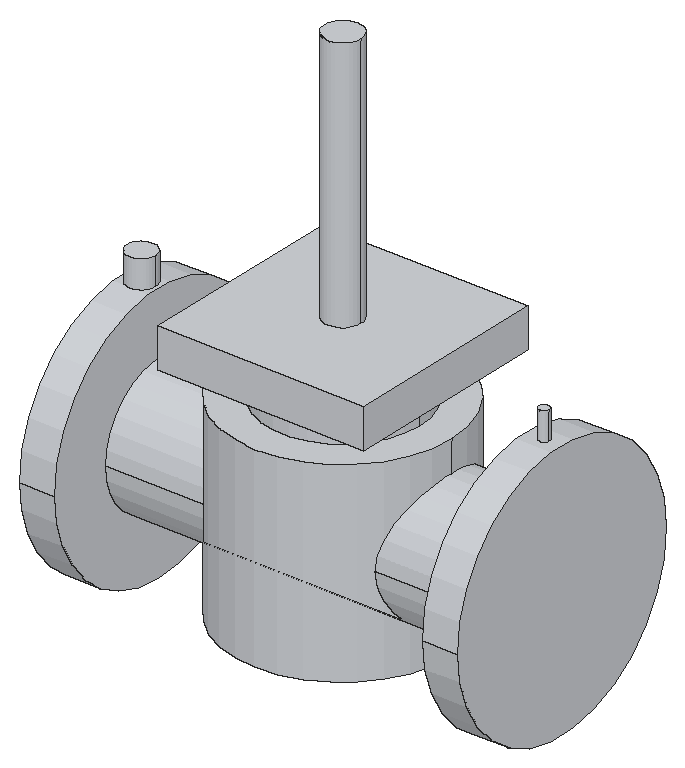
Revit family "OPTIMA_Compact_FLANGE_PN25_DN150-LF_RFA_2019", category Pipe Accessories, Revit 2019
Family settings
  Round Connector Dimension = Use Diameter
  Part Type = Valve - Breaks Into
  Work Plane-Based = No
  Always vertical = Yes
  Cut with Voids When Loaded = No
  Shared = No
Parameters (values of type "Optima Compact Flange PN25 DN150 LF")
  magiProductId = "Frese Optima Flange DN150 LF"
  magiProductFamilyId = "Frese Optima Flange *"
  magiPartTypeId = 304
  isMeasuringValve [instance] = no
  ang2D [instance] = 0.00°
  W2D = 50 mm
  VersionID = "2.0/2018.8.28.1/FRESE_OPTIMA_FLANGE_Q13_002"
  Use Minimum Symbol Size [instance] = yes
  URL = "www.hydronic.cz"
  Type Comments = "Přírubový; PN25; 0~110°C, s měřením"
  R4 = 84 mm
  R3 = 74.1 mm
  R1 = 120 mm
  QmdConnectorList = "301;D;302;D"
  Productdata [instance] = ""
  Manufacturer = "Hydronic Systems Prague s.r.o."
  MC Product Code = "53-1225 (DN150 LF; 43mm; pohon min 1500N; Qmin-dpmin 25600l/h-21.0kPa; Qmax-dpmin 148000l/h-35.0kPa; dpmax 800kPa)"
  MC Piping Given Pressure Drop [instance] = 0.0 Pa
  LF__ve = -LF  # -38.4 mm
  LF2 = 19.2 mm
  LF = 38.4 mm
  L4 = 225.6 mm
  L3 = 403.2 mm
  L2D_Min = 3048 mm
  L2D = 230 mm
  L2 = 240 mm
  H6 = 279.25 mm
  H4 = 42.75 mm
  H3 = 35.625 mm
  H2 = 106.875 mm
  H1 = 213.75 mm
  Description = "Tlakově nezávislý 2-cestný regulační vyvažovací ventil (PICV)"
  DF2 = 142.5 mm
  D = 150 mm
  CAT0 = yes
Types (14, lengths in mm): name | magiProductId | magiProductFamilyId | W2D | Type Comments | R4 | R3 | R1 | MC Product Code | LF__ve | LF2 | LF | L4 | L3 | L2D | L2 | H6 | H4 | H3 | H2 | H1 | DF2 | D
  Optima Compact Flange PN25 DN050 LF | "Frese Optima Flange DN050 LF" | "Frese Optima Flange *" | 50 | "Přírubový; PN25; 0~120°C, s měřením" | 40.3 | 42.9 | 57.5 | "53-1220 (DN50 LF; 20mm; pohon min 1000N; Qmin-dpmin 2500l/h-6.5kPa; Qmax-dpmin 15000l/h-20.0kPa; dpmax 800kPa)" | -18.4 | 9.2 | 18.4 | 108.1 | 193.2 | 230 | 115 | 157.3 | 24.8 | 20.6 | 61.9 | 123.8 | 82.5 | 50
  Optima Compact Flange PN25 DN050 HF | "Frese Optima Flange DN050 HF" | "Frese Optima Flange *" | 50 | "Přírubový; PN25; 0~120°C, s měřením" | 40.25 | 42.9 | 57.5 | "53-1230 (DN50 HF; 20mm; pohon min 1000N; Qmin-dpmin 3900l/h-19.0kPa; Qmax-dpmin 24000l/h-50.0kPa; dpmax 800kPa)" | -18.4 | 9.2 | 18.4 | 108.1 | 193.2 | 230 | 115 | 157.25 | 24.75 | 20.625 | 61.875 | 123.75 | 82.5 | 50
  Optima Compact Flange PN25 DN065 LF | "Frese Optima Flange DN065 LF" | "Frese Optima Flange *" | 50 | "Přírubový; PN25; 0~120°C, s měřením" | 50.75 | 48.1 | 72.5 | "53-1221 (DN65 LF; 20mm; pohon min 1000N; Qmin-dpmin 4400l/h-15.0kPa; Qmax-dpmin 25000l/h-25.0kPa; dpmax 800kPa)" | -23.2 | 11.6 | 23.2 | 136.3 | 243.6 | 230 | 145 | 171.25 | 27.75 | 23.125 | 69.375 | 138.75 | 92.5 | 65
  Optima Compact Flange PN25 DN065 HF | "Frese Optima Flange DN065 HF" | "Frese Optima Flange *" | 50 | "Přírubový; PN25; 0~120°C, s měřením" | 50.75 | 48.1 | 72.5 | "53-1231 (DN65 HF; 20mm; pohon min 1000N; Qmin-dpmin 6000l/h-30.0kPa; Qmax-dpmin 35000l/h-55.0kPa; dpmax 800kPa)" | -23.2 | 11.6 | 23.2 | 136.3 | 243.6 | 230 | 145 | 171.25 | 27.75 | 23.125 | 69.375 | 138.75 | 92.5 | 65
  Optima Compact Flange PN25 DN080 LF | "Frese Optima Flange DN080 LF" | "Frese Optima Flange *" | 50 | "Přírubový; PN25; 0~120°C, s měřením" | 54.25 | 52 | 77.5 | "53-1222 (DN80 LF; 20mm; pohon min 1000N; Qmin-dpmin 5300l/h-16.0kPa; Qmax-dpmin 34000l/h-25.0kPa; dpmax 800kPa)" | -24.8 | 12.4 | 24.8 | 145.7 | 260.4 | 230 | 155 | 183 | 30 | 25 | 75 | 150 | 100 | 80
  Optima Compact Flange PN25 DN080 HF | "Frese Optima Flange DN080 HF" | "Frese Optima Flange *" | 50 | "Přírubový; PN25; 0~120°C, s měřením" | 54.25 | 52 | 77.5 | "53-1232 (DN80 HF; 20mm; pohon min 1000N; Qmin-dpmin 7000l/h-23.0kPa; Qmax-dpmin 43000l/h-50.0kPa; dpmax 800kPa)" | -24.8 | 12.4 | 24.8 | 145.7 | 260.4 | 230 | 155 | 183 | 30 | 25 | 75 | 150 | 100 | 80
  Optima Compact Flange PN25 DN100 LF | "Frese Optima Flange DN100 LF" | "Frese Optima Flange *" | 50 | "Přírubový; PN25; 0~120°C, s měřením" | 61.25 | 61.1 | 87.5 | "53-1223 (DN100 LF; 40mm; pohon min 1000N; Qmin-dpmin 12100l/h-20.0kPa; Qmax-dpmin 68000l/h-35.0kPa; dpmax 800kPa)" | -28 | 14 | 28 | 164.5 | 294 | 230 | 175 | 268.75 | 35.25 | 29.375 | 88.125 | 176.25 | 117.5 | 100
  Optima Compact Flange PN25 DN100 HF | "Frese Optima Flange DN100 HF" | "Frese Optima Flange *" | 50 | "Přírubový; PN25; 0~120°C, s měřením" | 61.25 | 61.1 | 87.5 | "53-1233 (DN100 HF; 40mm; pohon min 1000N; Qmin-dpmin 14800l/h-30.0kPa; Qmax-dpmin 90000l/h-75.0kPa; dpmax 800kPa)" | -28 | 14 | 28 | 164.5 | 294 | 230 | 175 | 268.75 | 35.25 | 29.375 | 88.125 | 176.25 | 117.5 | 100
  Optima Compact Flange PN25 DN125 LF | "Frese Optima Flange DN125 LF" | "Frese Optima Flange *" | 50 | "Přírubový; PN25; 0~120°C, s měřením" | 70 | 70.2 | 100 | "53-1224 (DN125 LF; 40mm; pohon min 1000N; Qmin-dpmin 18500l/h-16.0kPa; Qmax-dpmin 110000l/h-35.0kPa; dpmax 800kPa)" | -32 | 16 | 32 | 188 | 336 | 230 | 200 | 275.5 | 40.5 | 33.75 | 101.25 | 202.5 | 135 | 125
  Optima Compact Flange PN25 DN125 HF | "Frese Optima Flange DN125 HF" | "Frese Optima Flange *" | 50 | "Přírubový; PN25; 0~120°C, s měřením" | 70 | 70.2 | 100 | "53-1234 (DN125 HF; 40mm; pohon min 1000N; Qmin-dpmin 23000l/h-27.0kPa; Qmax-dpmin 135000l/h-53.0kPa; dpmax 800kPa)" | -32 | 16 | 32 | 188 | 336 | 230 | 200 | 275.5 | 40.5 | 33.75 | 101.25 | 202.5 | 135 | 125
  Optima Compact Flange PN25 DN150 LF | "Frese Optima Flange DN150 LF" | "Frese Optima Flange *" | 50 | "Přírubový; PN25; 0~110°C, s měřením" | 84 | 74.1 | 120 | "53-1225 (DN150 LF; 43mm; pohon min 1500N; Qmin-dpmin 25600l/h-21.0kPa; Qmax-dpmin 148000l/h-35.0kPa; dpmax 800kPa)" | -38.4 | 19.2 | 38.4 | 225.6 | 403.2 | 230 | 240 | 279.25 | 42.75 | 35.625 | 106.875 | 213.75 | 142.5 | 150
  Optima Compact Flange PN25 DN150 HF | "Frese Optima Flange DN150 HF" | "Frese Optima Flange *" | 50 | "Přírubový; PN25; 0~110°C, s měřením" | 84 | 74.1 | 120 | "53-1235 (DN150 HF; 43mm; pohon min 1500N; Qmin-dpmin 32000l/h-33.0kPa; Qmax-dpmin 195000l/h-65.0kPa; dpmax 800kPa)" | -38.4 | 19.2 | 38.4 | 225.6 | 403.2 | 230 | 240 | 279.25 | 42.75 | 35.625 | 106.875 | 213.75 | 142.5 | 150
  Optima Compact Flange PN25 DN200 LF | "" | "" | 100 | "Přírubový; PN25; 0~110°C, s měřením" | 164.5 | 98.8 | 235 | "53-1226 (DN200 LF; 43mm; pohon min 1500N; Qmin-dpmin 95000l/h-11.0kPa; Qmax-dpmin 210000l/h-32.0kPa; dpmax 800kPa)" | -48 | 24 | 48 | 282 | 504 | 350 | 300 | 281 | 57 | 15 | 209 | 380 | 190 | 200
  Optima Compact Flange PN25 DN200 HF | "" | "" | 100 | "Přírubový; PN25; 0~110°C, s měřením" | 164.5 | 98.8 | 235 | "53-1236 (DN200 HF; 43mm; pohon min 1500N; Qmin-dpmin 130000l/h-31.0kPa; Qmax-dpmin 280000l/h-78.0kPa; dpmax 800kPa)" | -48 | 24 | 48 | 282 | 504 | 350 | 300 | 281 | 57 | 15 | 209 | 380 | 190 | 200
Reference planes
  plane 1 "Center (Front/Back)": y = 0
  plane 2 "XYPLANE": z = 0
  plane 3 "Center (Left/Right)": x = 0
  plane 4 "157": x = 220.8
  plane 5 "156": x = -220.8
  plane 6 "155": z = 142.5
  plane 7 "154": z = 185.25
  plane 8 "153": z = 142.5
  plane 9 "152": z = 106.875
  plane 10 "151": x = -201.6
  plane 11 "150": z = -106.875
  plane 12 "149": x = 0
  plane 13 "148": y = 0
  plane 14 "147": z = 0
  plane 15 "146": x = -240
  plane 16 "145": x = 240
Forms (mm)
  Extrusion 1, solid, visible <- "CAT0"
    sketch origin (-750, 0, 142.5) x (1, 0, 0) y (0, 1, 0)
      loop
        circle (970.8, 0) r 5.5
    from 0 to 30
  Extrusion 2, solid, visible <- "CAT0"
    sketch origin (-750, 0, 142.5) x (1, 0, 0) y (0, 1, 0)
      loop
        circle (529.2, 0) r 15.5
    from 0 to 30
  Extrusion 3, solid, visible <- "CAT0"
    sketch origin (-750, 0, 185.25) x (1, 0, 0) y (0, 1, 0)
      loop
        circle (750, 0) r 20
    from 0 to 279.25 <- "H6"
  Extrusion 4, solid, visible <- "CAT0"
    sketch origin (-750, 0, 142.5) x (1, 0, 0) y (0, 1, 0)
      loop
        line (862.8, 112.8) -> (637.2, 112.8) -> (637.2, -112.8) -> (862.8, -112.8) -> (862.8, 112.8)
    from 0 to 42.75 <- "H4"
  Extrusion 5, solid, visible <- "CAT0"
    sketch origin (-750, 0, 106.875) x (1, 0, 0) y (0, 1, 0)
      loop
        circle (750, 0) r 84
    from 0 to 35.625 <- "H3"
  Extrusion 6, solid, visible <- "CAT0"
    sketch origin (-201.6, -750, 0) x (0, 1, 0) y (0, 0, 1)
      loop
        circle (750, 0) r 74.1
    from 0 to 403.2 <- "L3"
  Extrusion 7, solid, visible <- "CAT0"
    sketch origin (-750, 0, -106.875) x (1, 0, 0) y (0, 1, 0)
      loop
        circle (750, 0) r 120
    from 0 to 213.75 <- "H1"
  Extrusion 8, solid, visible <- "CAT0"
    sketch origin (-240, -750, 0) x (0, 1, 0) y (0, 0, 1)
      loop
        circle (750, 0) r 142.5
    from 0 to 38.4 <- "LF"
  Extrusion 9, solid, visible <- "CAT0"
    sketch origin (240, -750, 0) x (0, 1, 0) y (0, 0, 1)
      loop
        circle (750, 0) r 142.5
    from 0 to -38.4 <- "LF__ve"
  Extrusion 10, solid, not visible
    sketch origin (-240, -750, 0) x (0, 1, 0) y (0, 0, 1)
      loop
        circle (750, 0) r 10
    from 0 to 10
  Extrusion 11, solid, not visible
    sketch origin (240, -750, 0) x (0, 1, 0) y (0, 0, 1)
      loop
        circle (750, 0) r 10
    from 0 to -10
Lines and regions (mm)
  reference lines, not visible
    curve 1: circle (2, 2, 0) r 1 normal (0, 0, 1)
  reference lines
    curve 2: circle (0, 0, 142.5) r 1 normal (0, 0, 1)
Dimensions and locks
  plane 1 "Center (Front/Back)" to curve 1 = 2 mm
  "LF2": plane 16 "145" to plane 4 "157"
  "LF2": plane 15 "146" to plane 5 "156"
  "DF2": plane 2 "XYPLANE" to plane 6 "155"
  "H4": plane 8 "153" to plane 7 "154"
  "H3": plane 9 "152" to plane 8 "153"
  "H1": plane 11 "150" to plane 9 "152"
  "LF": plane 15 "146" to plane 10 "151"
  "H2": plane 2 "XYPLANE" to plane 11 "150"
  locked: plane 3 "Center (Left/Right)" to plane 12 "149"
  locked: plane 1 "Center (Front/Back)" to plane 13 "148"
  locked: plane 2 "XYPLANE" to plane 14 "147"
  "L2": plane 3 "Center (Left/Right)" to plane 15 "146"
  "L2": plane 3 "Center (Left/Right)" to plane 16 "145"
  equal spacing: Extrusion 4 sketch curve, curve 2, Extrusion 4 sketch curve  (x2)
  "L4": Extrusion 4 sketch curve to Extrusion 4 sketch curve  (x2)
  Extrusion 4 sketch curve to Extrusion 4 sketch curve = 0 mm  (x8)
  "R4": radius of Extrusion 5 sketch curve
  "R3": radius of Extrusion 6 sketch curve
  "R1": radius of Extrusion 7 sketch curve
  "DF2": radius of Extrusion 8 sketch curve
  "DF2": radius of Extrusion 9 sketch curve
  aligned and locked: level to plane 2 "XYPLANE"
  aligned and locked: plane 4 "157" to Extrusion 1 sketch curve
  aligned and locked: plane 13 "148" to Extrusion 1 sketch curve
  aligned and locked: plane 5 "156" to Extrusion 2 sketch curve
  aligned and locked: plane 13 "148" to Extrusion 2 sketch curve
  aligned and locked: plane 12 "149" to Extrusion 3 sketch curve
  aligned and locked: plane 13 "148" to Extrusion 3 sketch curve
  aligned and locked: plane 12 "149" to curve 2
  aligned and locked: plane 13 "148" to curve 2
  aligned and locked: plane 12 "149" to Extrusion 5 sketch curve
  aligned and locked: plane 13 "148" to Extrusion 5 sketch curve
  aligned and locked: Extrusion 6 sketch curve to plane 13 "148"
  aligned and locked: plane 14 "147" to Extrusion 6 sketch curve
  aligned and locked: plane 12 "149" to Extrusion 7 sketch curve
  aligned and locked: plane 13 "148" to Extrusion 7 sketch curve
  aligned and locked: Extrusion 8 sketch curve to plane 13 "148"
  aligned and locked: plane 14 "147" to Extrusion 8 sketch curve
  aligned and locked: Extrusion 9 sketch curve to plane 13 "148"
  aligned and locked: plane 14 "147" to Extrusion 9 sketch curve
  aligned and locked: Extrusion 10 sketch curve to plane 13 "148"
  aligned and locked: plane 14 "147" to Extrusion 10 sketch curve
  aligned and locked: Extrusion 11 sketch curve to plane 13 "148"
  aligned and locked: plane 14 "147" to Extrusion 11 sketch curve
Automatic sketch dimensions
  Extrusion 1 sketch curve to plane 4 "157" = 5.5 mm
  plane 15 "146" to Extrusion 2 sketch curve = 3.7 mm
  Extrusion 3 sketch curve to plane 3 "Center (Left/Right)" = 20 mm
  plane 1 "Center (Front/Back)" to Extrusion 10 sketch curve = 10 mm
  plane 1 "Center (Front/Back)" to Extrusion 11 sketch curve = 10 mm
  plane 3 "Center (Left/Right)" to curve 1 = 2 mm
  plane 10 "151" to Extrusion 4 sketch curve = 88.8 mm
  plane 1 "Center (Front/Back)" to Extrusion 4 sketch curve = 112.8 mm
  radius of curve 2 = 1 mm
  radius of curve 1 = 1 mm
Connectors
  piping at (-240, 0, 0), diameter 150, driven by "D"
    settings: on Extrusion 10, index 1, connector inside diameter 609.6 mm, connector length 0 mm, flow factor 0, pipe flow 0.0 L/s, pressure drop 0.0 Pa, fitting loss kfactor 0, connector angle 0.00°, fixture units 0, engagement length 0 mm, angle of deflection 0.00°, flow configuration 0, flow direction 0, fitting loss method 0, system type 29, joint type 0, gender type 0, connector reference index 2, connector utility 0, adjustable connector no, is connector primary yes, connector description ""
  piping at (240, 0, 0), diameter 150, driven by "D"
    settings: on Extrusion 11, index 2, connector inside diameter 609.6 mm, connector length 0 mm, flow factor 0, pipe flow 0.0 L/s, pressure drop 0.0 Pa, fitting loss kfactor 0, connector angle 0.00°, fixture units 0, engagement length 0 mm, angle of deflection 0.00°, flow configuration 0, flow direction 0, fitting loss method 0, system type 29, joint type 0, gender type 0, connector reference index 1, connector utility 0, adjustable connector no, is connector primary no, connector description ""
